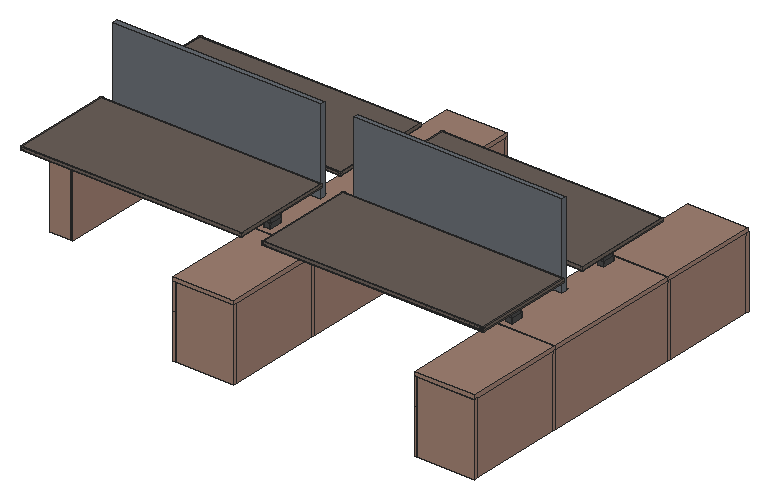
Revit family "T200195", category Furniture, Revit 2015 (continued)
Definition of nested family "STAKS HEIGHT ADJUSTABLE WORK GROUP CABINET Double Sided Dual User"
  Automatic sketch dimensions
    Extrusion 15 sketch curve to Extrusion 15 sketch curve = 1.625"
    Extrusion 16 sketch curve to plane 16 = 0.00"  (x2)
    plane 17 to Extrusion 16 sketch curve = 3.375"
    plane 16 to Extrusion 16 sketch curve = 0.125"
    Extrusion 16 sketch curve to plane 14 = 2.125"
    Extrusion 16 sketch curve to Extrusion 16 sketch curve = 3.75"  (x2)
    Extrusion 16 sketch curve to Extrusion 16 sketch curve = 0.125"
    Blend 17 sketch curve to plane 16 = 0.125"
    plane 17 to Blend 17 sketch curve = 2.125"
    Blend 17 sketch curve to Blend 17 sketch curve = 0.125"  (x4)
    Blend 17 sketch curve to Blend 17 sketch curve = 3.25"
    Blend 17 sketch curve to Blend 17 sketch curve = 0.00"
    Blend 17 sketch curve to plane 14 = 1.75"
    Blend 17 sketch curve to plane 16 = 0.00"  (x2)
    plane 17 to Blend 17 sketch curve = 3.375"
    plane 16 to Blend 17 sketch curve = 0.125"
    Blend 17 sketch curve to Blend 17 sketch curve = 3.75"  (x2)
    Blend 17 sketch curve to plane 14 = 2.00"
    Extrusion 18 sketch curve to plane 15 = 0.00"  (x2)
    Extrusion 18 sketch curve to plane 17 = 3.375"
    plane 15 to Extrusion 18 sketch curve = 0.125"
    plane 14 to Extrusion 18 sketch curve = 2.125"
    Extrusion 18 sketch curve to Extrusion 18 sketch curve = 3.75"  (x2)
    Extrusion 18 sketch curve to Extrusion 18 sketch curve = 0.125"
    Blend 19 sketch curve to plane 15 = 0.125"
    Blend 19 sketch curve to plane 17 = 2.125"
    Blend 19 sketch curve to Blend 19 sketch curve = 0.125"  (x4)
    Blend 19 sketch curve to Blend 19 sketch curve = 3.25"
    Blend 19 sketch curve to Blend 19 sketch curve = 0.00"
    plane 14 to Blend 19 sketch curve = 1.75"
    Blend 19 sketch curve to plane 15 = 0.00"  (x2)
    Blend 19 sketch curve to plane 17 = 3.375"
    plane 15 to Blend 19 sketch curve = 0.125"
    Blend 19 sketch curve to Blend 19 sketch curve = 3.75"  (x2)
    plane 14 to Blend 19 sketch curve = 2.00"
    Extrusion 20 sketch curve to plane 16 = 0.00"
    Extrusion 20 sketch curve to plane 16 = 0.125"  (x2)
    Extrusion 20 sketch curve to plane 18 = 0.75"
    Extrusion 20 sketch curve to Extrusion 20 sketch curve = 3.75"
    Extrusion 20 sketch curve to Extrusion 20 sketch curve = 0.00"
    Extrusion 20 sketch curve to Extrusion 20 sketch curve = 0.125"
    Extrusion 20 sketch curve to Extrusion 20 sketch curve = 1.75"
    Extrusion 21 sketch curve to plane 18 = 0.9375"
    Extrusion 21 sketch curve to plane 16 = 3.875"
    Extrusion 21 sketch curve to plane 18 = 0.875"
    Extrusion 21 sketch curve to Extrusion 21 sketch curve = 0.0625"  (x2)
    Extrusion 21 sketch curve to plane 16 = 0.1875"  (x2)
    Extrusion 21 sketch curve to Extrusion 21 sketch curve = 1.625"
    Revolve 22 sketch curve to level = 0.00"
    plane 16 to Revolve 22 sketch curve = 0.00"
    Revolve 22 sketch curve to plane 12 = 0.00"  (x2)
    level to Revolve 22 sketch curve = 0.25"
    Revolve 22 sketch curve to Revolve 22 sketch curve = 0.06202"
    Revolve 22 sketch curve to Revolve 22 sketch curve = 0.12498"
    Revolve 22 sketch curve to plane 16 = 0.188"  (x2)
    plane 12 to Revolve 22 sketch curve = 0.25"
    Revolve 23 sketch curve to level = 0.00"
    plane 15 to Revolve 23 sketch curve = 0.00"
    Revolve 23 sketch curve to plane 12 = 0.00"  (x2)
    level to Revolve 23 sketch curve = 0.12502"
    Revolve 23 sketch curve to plane 15 = 0.06202"
    Revolve 23 sketch curve to Revolve 23 sketch curve = 0.12498"
    plane 15 to Revolve 23 sketch curve = 0.188"  (x2)
    plane 12 to Revolve 23 sketch curve = 0.25"
    Extrusion 24 sketch curve to plane 15 = 0.00"
    Extrusion 24 sketch curve to plane 18 = 2.75"
    plane 15 to Extrusion 24 sketch curve = 0.125"  (x2)
    Extrusion 24 sketch curve to Extrusion 24 sketch curve = 3.50"
    Extrusion 24 sketch curve to plane 18 = 0.75"
    Extrusion 24 sketch curve to Extrusion 24 sketch curve = 0.00"
    Extrusion 24 sketch curve to Extrusion 24 sketch curve = 0.125"
    Extrusion 25 sketch curve to plane 18 = 0.9375"
    plane 15 to Extrusion 25 sketch curve = 3.625"
    plane 15 to Extrusion 25 sketch curve = 0.1875"  (x2)
    Extrusion 25 sketch curve to plane 18 = 2.625"
    Extrusion 25 sketch curve to Extrusion 25 sketch curve = 0.0625"  (x3)
    Extrusion 26 sketch curve to plane 16 = 0.00"  (x2)
    plane 1 "Center Front/Back" to Extrusion 26 sketch curve = 3.375"
    Extrusion 26 sketch curve to plane 16 = 0.125"
    Extrusion 26 sketch curve to Extrusion 26 sketch curve = 4.00"  (x2)
    Extrusion 26 sketch curve to Extrusion 26 sketch curve = 0.125"
    plane 18 to Extrusion 26 sketch curve = 2.75"
    plane 16 to Blend 27 sketch curve = 0.125"
    plane 1 "Center Front/Back" to Blend 27 sketch curve = 2.125"
    Blend 27 sketch curve to Blend 27 sketch curve = 0.125"  (x4)
    Blend 27 sketch curve to Blend 27 sketch curve = 3.50"
    Blend 27 sketch curve to Blend 27 sketch curve = 0.00"
    plane 18 to Blend 27 sketch curve = 2.50"
    Blend 27 sketch curve to plane 16 = 0.00"  (x2)
    plane 1 "Center Front/Back" to Blend 27 sketch curve = 3.375"
    Blend 27 sketch curve to plane 16 = 0.125"
    Blend 27 sketch curve to Blend 27 sketch curve = 4.00"  (x2)
    plane 18 to Blend 27 sketch curve = 2.75"
    Extrusion 28 sketch curve to plane 15 = 0.00"  (x2)
    Extrusion 28 sketch curve to plane 1 "Center Front/Back" = 3.375"
    Extrusion 28 sketch curve to Extrusion 28 sketch curve = 0.125"  (x2)
    Extrusion 28 sketch curve to Extrusion 28 sketch curve = 3.75"
    plane 15 to Extrusion 28 sketch curve = 3.75"
    Extrusion 28 sketch curve to plane 18 = 2.75"
    plane 15 to Blend 29 sketch curve = 0.125"
    Blend 29 sketch curve to plane 1 "Center Front/Back" = 2.125"
    Blend 29 sketch curve to Blend 29 sketch curve = 0.125"  (x4)
    Blend 29 sketch curve to Blend 29 sketch curve = 3.25"
    Blend 29 sketch curve to Blend 29 sketch curve = 0.00"
    Blend 29 sketch curve to plane 18 = 2.50"
    Blend 29 sketch curve to plane 15 = 0.00"  (x2)
    Blend 29 sketch curve to plane 1 "Center Front/Back" = 3.375"
    Blend 29 sketch curve to plane 15 = 0.125"
    Blend 29 sketch curve to Blend 29 sketch curve = 3.75"
    plane 15 to Blend 29 sketch curve = 3.75"
    Blend 29 sketch curve to plane 18 = 2.75"
Definition of nested family "STAKS FABRIC PRIVACY PANEL Tackable"
  Parameters (values of type "STAKS FABRIC PRIVACY PANEL Tackable for 66in Worksurfaces")
    Width = 64.00"
    URL = "http://www.ofs.com/"
    Height from Floor = 22.75"
    Height = 25.25"
    Model = "6-6425PP"
    Manufacturer = "OFS"
    Description = "OFS STAKS FABRIC PRIVACY PANEL Tackable Fabric Covered Panel For Use with 66\" Worksurfaces"
    Depth = 1.4375"
    Copyright © = "© 2018 OFS"
    Catalog = "https://ofs.com/products/open-plan/benching/staks"
    Authoring Version = "Autodesk Revit Architecture 2013"
    Assembly Code = "E2020200"
    Surface Material = none
  Types (5): name | Width | Model | Description
    (no name) | 64.00" | "6-6425PP" | "OFS STAKS FABRIC PRIVACY PANEL Tackable Fabric Covered Panel For Use with 66\" Worksurfaces"
    STAKS FABRIC PRIVACY PANEL Tackable for 54in Worksurfaces | 52.00" | "6-5225PP" | "OFS STAKS FABRIC PRIVACY PANEL Tackable Fabric Covered Panel For Use with 54\" Worksurfaces"
    STAKS FABRIC PRIVACY PANEL Tackable for 60in Worksurfaces | 58.00" | "6-5825PP" | "OFS STAKS FABRIC PRIVACY PANEL Tackable Fabric Covered Panel For Use with 60\" Worksurfaces"
    STAKS FABRIC PRIVACY PANEL Tackable for 66in Worksurfaces | 64.00" | "6-6425PP" | "OFS STAKS FABRIC PRIVACY PANEL Tackable Fabric Covered Panel For Use with 66\" Worksurfaces"
    STAKS FABRIC PRIVACY PANEL Tackable for 72in Worksurfaces | 70.00" | "6-7025PP" | "OFS STAKS FABRIC PRIVACY PANEL Tackable Fabric Covered Panel For Use with 72\" Worksurfaces"
  Reference planes (in)
    plane 1 "Center (Front/Back)": y = 0
    plane 2: z = 0
    plane 3 "Center (Left/Right)": x = 0
    plane 4: x = 32
    plane 5: x = -32
    plane 6: y = 0.71875
    plane 7: y = -0.71875
    plane 8: z = 22.75
    plane 9: z = 48
  Forms (in)
    Extrusion 1, solid, material <- "Surface Material"
      sketch origin (3.56329, 81.33771, 7) x (-1, 0, 0) y (0, -1, 0)
        loop
          line (35.56329, 80.61896) -> (35.56329, 82.05646) -> (-28.43671, 82.05646) -> (-28.43671, 80.61896) -> (35.56329, 80.61896)
      from 41 to 15.75
  Lines and regions (in)
    symbolic lines
      curve 1: line (-32, 0.71875, 0) -> (32, 0.71875, 0)
      curve 2: line (-32, -0.71875, 0) -> (-32, 0.71875, 0)
      curve 3: line (32, -0.71875, 0) -> (-32, -0.71875, 0)
      curve 4: line (32, 0.71875, 0) -> (32, -0.71875, 0)
  Dimensions and locks (in)
    equal spacing: plane 5, plane 3 "Center (Left/Right)", plane 4
    "Width": plane 5 to plane 4
    "Depth": plane 6 to plane 7
    equal spacing: plane 7, plane 1 "Center (Front/Back)", plane 6
    "Height": plane 9 to plane 8
    "Height from Floor": plane 8 to level
    aligned and locked: level to plane 2
    aligned and locked: plane 5 to Extrusion 1 sketch curve
    aligned and locked: Extrusion 1 sketch curve to plane 7
    aligned and locked: Extrusion 1 sketch curve to plane 6
    aligned and locked: Extrusion 1 sketch curve to plane 4
    aligned and locked: plane 9 to Extrusion 1
    aligned and locked: Extrusion 1 to plane 8
    aligned and locked: curve 2 to plane 5
    aligned and locked: curve 1 to Extrusion 1
    aligned and locked: curve 3 to Extrusion 1
    aligned and locked: curve 4 to plane 4
Definition of nested family "STAKS HEIGHT ADJUSTABLE WORKSURFACE"
  Parameters (values of type "STAKS HEIGHT ADJUSTABLE WORKSURFACE 66x30")
    Width = 66.00"
    Veneer Material = none
    URL = "http://www.ofs.com/"
    PVC Edge [instance] = not([3D Laminate])  # yes
    Height [instance] = 21.00"
    Edge Material = none
    Model = "6-6630HAWS"
    Manufacturer = "OFS"
    Description = "OFS STAKS HEIGHT ADJUSTABLE WORKSURFACE, 66\" Width x 30\" Depth Long Grain, Includes Height Adjustable Control, Switch and Cables"
    Depth = 30.00"
    Copyright © = "© 2018 OFS"
    Catalog = "https://ofs.com/products/open-plan/benching/staks"
    Authoring Version = "Autodesk Revit Architecture 2013"
    Assembly Code = "E2020200"
    3D Laminate Material = none
    3D Laminate [instance] = no
  Types (5): name | Width | Model | Description
    (no name) | 66.00" | "6-6630HAWS" | "OFS STAKS HEIGHT ADJUSTABLE WORKSURFACE, 66\" Width x 30\" Depth Long Grain, Includes Height Adjustable Control, Switch and Cables"
    STAKS HEIGHT ADJUSTABLE WORKSURFACE 54x30 | 54.00" | "6-5430HAWS" | "OFS STAKS HEIGHT ADJUSTABLE WORKSURFACE, 54\" Width x 30\" Depth Long Grain, Includes Height Adjustable Control, Switch and Cables"
    STAKS HEIGHT ADJUSTABLE WORKSURFACE 60x30 | 60.00" | "6-6030HAWS" | "OFS STAKS HEIGHT ADJUSTABLE WORKSURFACE, 60\" Width x 30\" Depth Long Grain, Includes Height Adjustable Control, Switch and Cables"
    STAKS HEIGHT ADJUSTABLE WORKSURFACE 66x30 | 66.00" | "6-6630HAWS" | "OFS STAKS HEIGHT ADJUSTABLE WORKSURFACE, 66\" Width x 30\" Depth Long Grain, Includes Height Adjustable Control, Switch and Cables"
    STAKS HEIGHT ADJUSTABLE WORKSURFACE 72x30 | 72.00" | "6-7230HAWS" | "OFS STAKS HEIGHT ADJUSTABLE WORKSURFACE, 72\" Width x 30\" Depth Long Grain, Includes Height Adjustable Control, Switch and Cables"
  Reference planes (in)
    plane 1 "Center (Front/Back)": y = 0
    plane 2: z = 0
    plane 3 "Center (Left/Right)": x = 0
    plane 4: x = 33
    plane 5: x = -33
    plane 6: y = 15
    plane 7: y = -15
    plane 8: z = 19.875
    plane 9: z = 21
  Forms (in)
    Extrusion 1, solid, material <- "3D Laminate Material", visible <- "3D Laminate"
      sketch origin (3.56329, 81.33771, 7) x (-1, 0, 0) y (0, -1, 0)
        loop
          line (36.56329, 66.33771) -> (36.56329, 96.33771) -> (-29.43671, 96.33771) -> (-29.43671, 66.33771) -> (36.56329, 66.33771)
      from 14 to 12.875
    Extrusion 2, solid, material <- "Veneer Material", visible <- "PVC Edge"
      sketch origin (3.56329, 81.33771, 3.5) x (-1, 0, 0) y (0, -1, 0)
        loop
          line (36.43829, 66.46271) -> (36.43829, 96.21271) -> (-29.31171, 96.21271) -> (-29.31171, 66.46271) -> (36.43829, 66.46271)
      from 17.5 to 16.375
    Sweep 3, solid, material <- "Edge Material", visible <- "PVC Edge"
      path origin (31.86692, 60.25439, 21) x (0, 1, 0) y (-1, 0, 0)
        loop
          line (-45.25439, 64.86692) -> (-75.25439, 64.86692) -> (-75.25439, -1.13308) -> (-45.25439, -1.13308) -> (-45.25439, 64.86692)
      profile origin (-33, 0, 21) x (1, 0, 0) y (0, 0, 1)
        loop
          arc (0, -1) -> (0.03661, -1.08839) -> (0.125, -1.125) r 0.125
          line (0.125, -1.125) -> (0.125, 0)
          arc (0.125, 0) -> (0.03661, -0.03661) -> (0, -0.125) r 0.125
          line (0, -0.125) -> (0, -1)
  Dimensions and locks (in)
    equal spacing: plane 5, plane 3 "Center (Left/Right)", plane 4
    "Width": plane 5 to plane 4
    "Depth": plane 6 to plane 7
    equal spacing: plane 7, plane 1 "Center (Front/Back)", plane 6
    locked: plane 9 to plane 8 at 1.125
    "Height": plane 9 to level
    aligned and locked: level to plane 2
    aligned and locked: Sweep 3 sketch curve to plane 5
    aligned and locked: Sweep 3 sketch curve to plane 6
    aligned and locked: Sweep 3 sketch curve to plane 7
    aligned and locked: Sweep 3 sketch curve to plane 4
    aligned and locked: Extrusion 2 sketch curve to Sweep 3  (x4)
    aligned and locked: Extrusion 1 sketch curve to plane 5
    aligned and locked: Extrusion 1 sketch curve to plane 7
    aligned and locked: Extrusion 1 sketch curve to plane 6
    aligned and locked: Extrusion 1 sketch curve to plane 4
    aligned and locked: plane 9 to Extrusion 1
    aligned and locked: plane 9 to Extrusion 2
    aligned and locked: plane 9 to Sweep 3
    aligned and locked: Extrusion 1 to plane 8
    aligned and locked: Extrusion 2 to plane 8
  Automatic sketch dimensions
    profile plane to Sweep 3 sketch curve = 0.00"
    Sweep 3 sketch curve to profile plane = 0.00"
    Sweep 3 sketch curve to profile plane = 0.125"
    Sweep 3 sketch curve to profile plane = 1.125"
Definition of nested family "STAKS CROSS RAIL BASIC POWER Double Sided Three Circuit"
  Parameters (values of type "STAKS CROSS RAIL BASIC POWER Double Sided Three Circuit 54in")
    Width = 48.00"
    URL = "http://www.ofs.com/"
    Surface Material = none
    Power Block Material = none
    Power Block Casing Material = none
    Model = "6-54PRB-4"
    Metal Conduit Material = none
    Manufacturer = "OFS"
    Height = 5.25"
    Duplex Receptacle Material = none
    Description = "OFS STAKS CROSS RAIL BASIC POWER for Use with 54\" Double Sided Height Adjustable Cabinets & Panel Bases, Three Circuit"
    Depth = 6.00"
    Copyright © = "© 2018 OFS"
    Catalog = "https://ofs.com/products/open-plan/benching/staks"
    Bracket Material = none
    Authoring Version = "Autodesk Revit Architecture 2013"
    Assembly Code = "E2020200"
  Types (5): name | Width | Model | Description
    (no name) | 48.00" | "6-54PRB-4" | "OFS STAKS CROSS RAIL BASIC POWER for Use with 54\" Double Sided Height Adjustable Cabinets & Panel Bases, Three Circuit"
    STAKS CROSS RAIL BASIC POWER Double Sided Three Circuit 54in | 48.00" | "6-54PRB-4" | "OFS STAKS CROSS RAIL BASIC POWER for Use with 54\" Double Sided Height Adjustable Cabinets & Panel Bases, Three Circuit"
    STAKS CROSS RAIL BASIC POWER Double Sided Three Circuit 60in | 54.00" | "6-60PRB-4" | "OFS STAKS CROSS RAIL BASIC POWER for Use with 60\" Double Sided Height Adjustable Cabinets & Panel Bases, Three Circuit"
    STAKS CROSS RAIL BASIC POWER Double Sided Three Circuit 66in | 60.00" | "6-66PRB-4" | "OFS STAKS CROSS RAIL BASIC POWER for Use with 66\" Double Sided Height Adjustable Cabinets & Panel Bases, Three Circuit"
    STAKS CROSS RAIL BASIC POWER Double Sided Three Circuit 72in | 66.00" | "6-72PRB-4" | "OFS STAKS CROSS RAIL BASIC POWER for Use with 72\" Double Sided Height Adjustable Cabinets & Panel Bases, Three Circuit"
  Reference planes (in)
    plane 1 "Center (Front/Back)": y = 0
    plane 2: z = 0
    plane 3 "Center (Left/Right)": x = 0
    plane 4: z = 21.67035
    plane 5: z = 27.87507
    plane 6: x = -19.50147
    plane 7: x = -17.03389
    plane 8: x = -15.9687
    plane 9: x = -14.91102
    plane 10: x = -18.08898
    plane 11: x = -7.4956
    plane 12: x = -9.96318
    plane 13: x = -11.02837
    plane 14: x = -12.08605
    plane 15: x = -8.90809
    plane 16: x = -24
    plane 17: x = -3
    plane 18: x = -20.08661
    plane 19: z = 17.34957
    plane 20: x = -21.08661
    plane 21: x = -13.49853
    plane 22: x = -6.91045
    plane 23: x = -5.91045
    plane 24: x = 19.50147
    plane 25: x = 17.03389
    plane 26: x = 15.9687
    plane 27: x = 14.91102
    plane 28: x = 18.08898
    plane 29: x = 7.4956
    plane 30: x = 9.96318
    plane 31: x = 11.02837
    plane 32: x = 12.08605
    plane 33: x = 8.90809
    plane 34: x = 24
    plane 35: x = 3
    plane 36: x = 20.08661
    plane 37: x = 21.08661
    plane 38: x = 13.49853
    plane 39: x = 6.91045
    plane 40: x = 5.91045
    plane 41: x = 8.2456
    plane 42: x = -8.2456
    plane 43: x = 7.4956
    plane 44: x = -7.4956
    plane 45: x = -6.95298
    plane 46: x = -5.82454
    plane 47: x = -4.74522
    plane 48: x = 6.95298
    plane 49: x = 5.82454
    plane 50: x = 4.74522
    plane 51: y = 3
    plane 52: y = -3
    plane 53: y = 2
    plane 54: y = -2
    plane 55: z = 22.5
    plane 56: z = 21.75
    plane 57: z = 20.75
    plane 58: x = 0.5
    plane 59: x = -0.5
  Forms (in)
    Extrusion 1, solid, material <- "Power Block Material"
      sketch origin (-38.7456, 0, -7.21714) x (-1, 0, 0) y (0, 0, -1)
        loop
          line (-29.43829, -26.82737) -> (-27.05878, -26.82737)
          arc (-27.05878, -26.82737) -> (-26.91515, -26.76787) -> (-26.85565, -26.62424) r 0.20313
          line (-26.85565, -26.62424) -> (-26.85565, -26.53164)
          arc (-26.85565, -26.53164) -> (-26.71755, -26.47993) -> (-26.65956, -26.34434) r 0.1875
          line (-26.65956, -26.34434) -> (-26.65956, -25.86145)
          arc (-26.65956, -25.86145) -> (-26.71755, -25.72587) -> (-26.85565, -25.67415) r 0.1875
          line (-26.85565, -25.67415) -> (-26.85565, -25.58155)
          arc (-26.85565, -25.58155) -> (-26.91515, -25.43792) -> (-27.05878, -25.37842) r 0.20313
          line (-27.05878, -25.37842) -> (-29.43829, -25.37842)
          arc (-29.43829, -25.37842) -> (-29.58192, -25.43792) -> (-29.64141, -25.58155) r 0.20313
          line (-29.64141, -25.58155) -> (-29.64141, -25.67415)
          arc (-29.64141, -25.67415) -> (-29.77952, -25.72587) -> (-29.83751, -25.86145) r 0.1875
          line (-29.83751, -25.86145) -> (-29.83751, -26.34434)
          arc (-29.83751, -26.34434) -> (-29.77952, -26.47993) -> (-29.64141, -26.53164) r 0.1875
          line (-29.64141, -26.53164) -> (-29.64141, -26.62424)
          arc (-29.64141, -26.62424) -> (-29.58192, -26.76787) -> (-29.43829, -26.82737) r 0.20313
        loop
          arc (-29.43829, -25.44092) -> (-29.53773, -25.48211) -> (-29.57891, -25.58155) r 0.14063
          line (-29.57891, -25.58155) -> (-29.57891, -25.68958)
          arc (-29.57891, -25.68958) -> (-29.59504, -25.72496) -> (-29.63257, -25.73768) r 0.04688
          arc (-29.63257, -25.73768) -> (-29.732, -25.7671) -> (-29.77501, -25.86145) r 0.125
          line (-29.77501, -25.86145) -> (-29.77501, -26.34434)
          arc (-29.77501, -26.34434) -> (-29.732, -26.43869) -> (-29.63233, -26.4698) r 0.125
          arc (-29.63233, -26.4698) -> (-29.59504, -26.48083) -> (-29.57891, -26.51622) r 0.04688
          line (-29.57891, -26.51622) -> (-29.57891, -26.62424)
          arc (-29.57891, -26.62424) -> (-29.53773, -26.72368) -> (-29.43829, -26.76487) r 0.14063
          line (-29.43829, -26.76487) -> (-27.05878, -26.76487)
          arc (-27.05878, -26.76487) -> (-26.95934, -26.72368) -> (-26.91815, -26.62424) r 0.14063
          line (-26.91815, -26.62424) -> (-26.91815, -26.51622)
          arc (-26.91815, -26.51622) -> (-26.90202, -26.48083) -> (-26.8645, -26.46812) r 0.04688
          arc (-26.8645, -26.46812) -> (-26.76507, -26.43869) -> (-26.72206, -26.34434) r 0.125
          line (-26.72206, -26.34434) -> (-26.72206, -25.86145)
          arc (-26.72206, -25.86145) -> (-26.76507, -25.7671) -> (-26.86474, -25.73599) r 0.125
          arc (-26.86474, -25.73599) -> (-26.90202, -25.72496) -> (-26.91815, -25.68958) r 0.04688
          line (-26.91815, -25.68958) -> (-26.91815, -25.58155)
          arc (-26.91815, -25.58155) -> (-26.95934, -25.48211) -> (-27.05878, -25.44092) r 0.14063
          line (-27.05878, -25.44092) -> (-29.43829, -25.44092)
      from -0.39166 to 0.39063
    Extrusion 2, solid, material <- "Power Block Material"
      sketch origin (-38.7456, 0, -7.21714) x (-1, 0, 0) y (0, 0, -1)
        loop
          circle (-28.24853, -26.1029) r 0.0625
      from -0.74219 to 0.74219
    Extrusion 3, solid, material <- "Power Block Material"
      sketch origin (-38.7456, 0, -7.21714) x (0, 1, 0) y (0, 0, -1)
        loop
          line (0.1644, -27.50689) -> (0.6465, -27.24063)
          arc (0.6465, -27.24063) -> (0.73054, -27.04793) -> (0.56603, -26.91703) r 0.17257
          line (0.56603, -26.91703) -> (0, -26.90734) -> (-0.56603, -26.91703)
          arc (-0.56603, -26.91703) -> (-0.73054, -27.04793) -> (-0.6465, -27.24063) r 0.17257
          line (-0.6465, -27.24063) -> (-0.1644, -27.50689) -> (-0.10561, -27.41333) -> (-0.61836, -27.21311)
          arc (-0.61836, -27.21311) -> (-0.67504, -27.11429) -> (-0.59061, -27.03781) r 0.09084
          line (-0.59061, -27.03781) -> (0, -27.00335) -> (0.59061, -27.03781)
          arc (0.59061, -27.03781) -> (0.67504, -27.11429) -> (0.61836, -27.21311) r 0.09084
          line (0.61836, -27.21311) -> (0.10561, -27.41333) -> (0.1644, -27.50689)
      from -28.78242 to -27.71724
    Extrusion 4, solid, material <- "Power Block Material"
      sketch origin (-38.7456, 0, -7.21714) x (-1, 0, 0) y (0, 0, -1)
        loop
          arc (-29.72129, -27.26478) -> (-29.65664, -27.20013) -> (-29.72129, -27.13548) r 0.06465
          line (-29.72129, -27.13548) -> (-30.0026, -27.13548) -> (-30.0026, -26.98885) -> (-29.57923, -26.98885)
          arc (-29.57923, -26.98885) -> (-29.52695, -26.93658) -> (-29.57923, -26.8843) r 0.05228
          line (-29.57923, -26.8843) -> (-30.17424, -26.8843)
          arc (-30.17424, -26.8843) -> (-30.20204, -26.89741) -> (-30.20961, -26.92721) r 0.03604
          line (-30.20961, -26.92721) -> (-30.1526, -27.22052)
          arc (-30.1526, -27.22052) -> (-30.1337, -27.25229) -> (-30.0989, -27.26478) r 0.05471
          line (-30.0989, -27.26478) -> (-29.72129, -27.26478)
      from -0.64167 to 0.64063
    Extrusion 5, solid, material <- "Power Block Material"
      sketch origin (-26.74594, 0, -7.21714) x (1, 0, 0) y (0, 0, 1)
        loop
          line (14.77871, 27.26478) -> (14.4011, 27.26478)
          arc (14.4011, 27.26478) -> (14.3663, 27.25229) -> (14.3474, 27.22052) r 0.05471
          line (14.3474, 27.22052) -> (14.29039, 26.92721)
          arc (14.29039, 26.92721) -> (14.29796, 26.89741) -> (14.32576, 26.8843) r 0.03604
          line (14.32576, 26.8843) -> (14.92077, 26.8843)
          arc (14.92077, 26.8843) -> (14.97305, 26.93658) -> (14.92077, 26.98885) r 0.05228
          line (14.92077, 26.98885) -> (14.4974, 26.98885) -> (14.4974, 27.13548) -> (14.77871, 27.13548)
          arc (14.77871, 27.13548) -> (14.84336, 27.20013) -> (14.77871, 27.26478) r 0.06465
      from -0.64167 to 0.64063
    Extrusion 6, solid, material <- "Power Block Material"
      sketch origin (-44.74552, 0, -7.21714) x (-1, 0, 0) y (0, 0, -1)
        loop
          line (-36.878, -27.11384) -> (-36.70792, -26.1029) -> (-36.878, -25.09195) -> (-37.24991, -25.09195) -> (-37.24991, -27.11384) -> (-36.878, -27.11384)
      from -0.31166 to 0.3125
    Extrusion 7, solid, material <- "Power Block Material"
      sketch origin (-8.74862, 0, -7.21714) x (1, 0, 0) y (0, 0, 1)
        loop
          line (-4.378, 27.11384) -> (-4.74991, 27.11384) -> (-4.74991, 25.09195) -> (-4.378, 25.09195) -> (-4.20792, 26.1029) -> (-4.378, 27.11384)
      from -0.31166 to 0.3125
    Extrusion 8, solid, material <- "Power Block Material"
      sketch origin (-26.74707, 0, -7.21714) x (-1, 0, 0) y (0, 0, -1)
        loop
          line (-18.19584, -25.14782) -> (-18.28839, -25.56074) -> (-19.25147, -25.56074) -> (-19.25147, -26.64509) -> (-18.30793, -26.64509) -> (-18.19637, -27.0029) -> (-14.30363, -27.0029) -> (-14.19207, -26.64509) -> (-13.24853, -26.64509) -> (-13.24853, -25.56074) -> (-14.21161, -25.56074) -> (-14.30416, -25.14782) -> (-18.19584, -25.14782)
      from -0.22266 to 0.22334
    Extrusion 9, solid, material <- "Bracket Material"
      sketch origin (-29.75, 0, -4) x (1, 0, 0) y (0, 0, 1)
        loop
          arc (20.5925, 24.54741) -> (20.55649, 24.63434) -> (20.46956, 24.67035) r 0.12294
          line (20.46956, 24.67035) -> (18.03044, 24.67035)
          arc (18.03044, 24.67035) -> (17.94351, 24.63434) -> (17.9075, 24.54741) r 0.12294
          line (17.9075, 24.54741) -> (17.9075, 23.89535) -> (17.51946, 23.89535) -> (17.51946, 23.79535) -> (17.88796, 23.79535)
          arc (17.88796, 23.79535) -> (17.97259, 23.8304) -> (18.00764, 23.91503) r 0.11968
          line (18.00764, 23.91503) -> (18.00764, 24.57035) -> (20.49236, 24.57035) -> (20.49236, 23.91503)
          arc (20.49236, 23.91503) -> (20.52741, 23.8304) -> (20.61204, 23.79535) r 0.11968
          line (20.61204, 23.79535) -> (20.98054, 23.79535) -> (20.98054, 23.89535) -> (20.5925, 23.89535) -> (20.5925, 24.54741)
      from -0.5 to 0.5
    Extrusion 10, solid, material <- "Power Block Material"
      sketch origin (38.7456, 0, -7.21714) x (1, 0, 0) y (0, 0, 1)
        loop
          arc (-29.43829, 26.82737) -> (-29.58192, 26.76787) -> (-29.64141, 26.62424) r 0.20313
          line (-29.64141, 26.62424) -> (-29.64141, 26.53164)
          arc (-29.64141, 26.53164) -> (-29.77952, 26.47993) -> (-29.83751, 26.34434) r 0.1875
          line (-29.83751, 26.34434) -> (-29.83751, 25.86145)
          arc (-29.83751, 25.86145) -> (-29.77952, 25.72587) -> (-29.64141, 25.67415) r 0.1875
          line (-29.64141, 25.67415) -> (-29.64141, 25.58155)
          arc (-29.64141, 25.58155) -> (-29.58192, 25.43792) -> (-29.43829, 25.37842) r 0.20313
          line (-29.43829, 25.37842) -> (-27.05878, 25.37842)
          arc (-27.05878, 25.37842) -> (-26.91515, 25.43792) -> (-26.85565, 25.58155) r 0.20313
          line (-26.85565, 25.58155) -> (-26.85565, 25.67415)
          arc (-26.85565, 25.67415) -> (-26.71755, 25.72587) -> (-26.65956, 25.86145) r 0.1875
          line (-26.65956, 25.86145) -> (-26.65956, 26.34434)
          arc (-26.65956, 26.34434) -> (-26.71755, 26.47993) -> (-26.85565, 26.53164) r 0.1875
          line (-26.85565, 26.53164) -> (-26.85565, 26.62424)
          arc (-26.85565, 26.62424) -> (-26.91515, 26.76787) -> (-27.05878, 26.82737) r 0.20313
          line (-27.05878, 26.82737) -> (-29.43829, 26.82737)
        loop
          line (-29.43829, 25.44092) -> (-27.05878, 25.44092)
          arc (-27.05878, 25.44092) -> (-26.95934, 25.48211) -> (-26.91815, 25.58155) r 0.14063
          line (-26.91815, 25.58155) -> (-26.91815, 25.68958)
          arc (-26.91815, 25.68958) -> (-26.90202, 25.72496) -> (-26.86474, 25.73599) r 0.04688
          arc (-26.86474, 25.73599) -> (-26.76507, 25.7671) -> (-26.72206, 25.86145) r 0.125
          line (-26.72206, 25.86145) -> (-26.72206, 26.34434)
          arc (-26.72206, 26.34434) -> (-26.76507, 26.43869) -> (-26.8645, 26.46812) r 0.125
          arc (-26.8645, 26.46812) -> (-26.90202, 26.48083) -> (-26.91815, 26.51622) r 0.04688
          line (-26.91815, 26.51622) -> (-26.91815, 26.62424)
          arc (-26.91815, 26.62424) -> (-26.95934, 26.72368) -> (-27.05878, 26.76487) r 0.14063
          line (-27.05878, 26.76487) -> (-29.43829, 26.76487)
          arc (-29.43829, 26.76487) -> (-29.53773, 26.72368) -> (-29.57891, 26.62424) r 0.14063
          line (-29.57891, 26.62424) -> (-29.57891, 26.51622)
          arc (-29.57891, 26.51622) -> (-29.59504, 26.48083) -> (-29.63233, 26.4698) r 0.04688
          arc (-29.63233, 26.4698) -> (-29.732, 26.43869) -> (-29.77501, 26.34434) r 0.125
          line (-29.77501, 26.34434) -> (-29.77501, 25.86145)
          arc (-29.77501, 25.86145) -> (-29.732, 25.7671) -> (-29.63257, 25.73768) r 0.125
          arc (-29.63257, 25.73768) -> (-29.59504, 25.72496) -> (-29.57891, 25.68958) r 0.04688
          line (-29.57891, 25.68958) -> (-29.57891, 25.58155)
          arc (-29.57891, 25.58155) -> (-29.53773, 25.48211) -> (-29.43829, 25.44092) r 0.14063
      from -0.39166 to 0.39063
    Extrusion 11, solid, material <- "Power Block Material"
      sketch origin (38.7456, 0, -7.21714) x (1, 0, 0) y (0, 0, 1)
        loop
          circle (-28.24853, 26.1029) r 0.0625
      from -0.74219 to 0.74219
    Extrusion 12, solid, material <- "Power Block Material"
      sketch origin (38.7456, 0, -7.21714) x (0, 1, 0) y (0, 0, 1)
        loop
          line (0.1644, 27.50689) -> (0.10561, 27.41333) -> (0.61836, 27.21311)
          arc (0.61836, 27.21311) -> (0.67504, 27.11429) -> (0.59061, 27.03781) r 0.09084
          line (0.59061, 27.03781) -> (0, 27.00335) -> (-0.59061, 27.03781)
          arc (-0.59061, 27.03781) -> (-0.67504, 27.11429) -> (-0.61836, 27.21311) r 0.09084
          line (-0.61836, 27.21311) -> (-0.10561, 27.41333) -> (-0.1644, 27.50689) -> (-0.6465, 27.24063)
          arc (-0.6465, 27.24063) -> (-0.73054, 27.04793) -> (-0.56603, 26.91703) r 0.17257
          line (-0.56603, 26.91703) -> (0, 26.90734) -> (0.56603, 26.91703)
          arc (0.56603, 26.91703) -> (0.73054, 27.04793) -> (0.6465, 27.24063) r 0.17257
          line (0.6465, 27.24063) -> (0.1644, 27.50689)
      from -28.78242 to -27.71724
    Extrusion 13, solid, material <- "Power Block Material"
      sketch origin (38.7456, 0, -7.21714) x (1, 0, 0) y (0, 0, 1)
        loop
          line (-29.72129, 27.26478) -> (-30.0989, 27.26478)
          arc (-30.0989, 27.26478) -> (-30.1337, 27.25229) -> (-30.1526, 27.22052) r 0.05471
          line (-30.1526, 27.22052) -> (-30.20961, 26.92721)
          arc (-30.20961, 26.92721) -> (-30.20204, 26.89741) -> (-30.17424, 26.8843) r 0.03604
          line (-30.17424, 26.8843) -> (-29.57923, 26.8843)
          arc (-29.57923, 26.8843) -> (-29.52695, 26.93658) -> (-29.57923, 26.98885) r 0.05228
          line (-29.57923, 26.98885) -> (-30.0026, 26.98885) -> (-30.0026, 27.13548) -> (-29.72129, 27.13548)
          arc (-29.72129, 27.13548) -> (-29.65664, 27.20013) -> (-29.72129, 27.26478) r 0.06465
      from -0.64167 to 0.64063
    Extrusion 14, solid, material <- "Power Block Material"
      sketch origin (26.74594, 0, -7.21714) x (-1, 0, 0) y (0, 0, -1)
        loop
          arc (14.77871, -27.26478) -> (14.84336, -27.20013) -> (14.77871, -27.13548) r 0.06465
          line (14.77871, -27.13548) -> (14.4974, -27.13548) -> (14.4974, -26.98885) -> (14.92077, -26.98885)
          arc (14.92077, -26.98885) -> (14.97305, -26.93658) -> (14.92077, -26.8843) r 0.05228
          line (14.92077, -26.8843) -> (14.32576, -26.8843)
          arc (14.32576, -26.8843) -> (14.29796, -26.89741) -> (14.29039, -26.92721) r 0.03604
          line (14.29039, -26.92721) -> (14.3474, -27.22052)
          arc (14.3474, -27.22052) -> (14.3663, -27.25229) -> (14.4011, -27.26478) r 0.05471
          line (14.4011, -27.26478) -> (14.77871, -27.26478)
      from -0.64167 to 0.64063
    Extrusion 15, solid, material <- "Power Block Material"
      sketch origin (44.74552, 0, -7.21714) x (1, 0, 0) y (0, 0, 1)
        loop
          line (-36.878, 27.11384) -> (-37.24991, 27.11384) -> (-37.24991, 25.09195) -> (-36.878, 25.09195) -> (-36.70792, 26.1029) -> (-36.878, 27.11384)
      from -0.31166 to 0.3125
    Extrusion 16, solid, material <- "Power Block Material"
      sketch origin (8.74862, 0, -7.21714) x (-1, 0, 0) y (0, 0, -1)
        loop
          line (-4.378, -27.11384) -> (-4.20792, -26.1029) -> (-4.378, -25.09195) -> (-4.74991, -25.09195) -> (-4.74991, -27.11384) -> (-4.378, -27.11384)
      from -0.31166 to 0.3125
    Extrusion 17, solid, material <- "Power Block Material"
      sketch origin (26.74707, 0, -7.21714) x (1, 0, 0) y (0, 0, 1)
        loop
          line (-18.19584, 25.14782) -> (-14.30416, 25.14782) -> (-14.21161, 25.56074) -> (-13.24853, 25.56074) -> (-13.24853, 26.64509) -> (-14.19207, 26.64509) -> (-14.30363, 27.0029) -> (-18.19637, 27.0029) -> (-18.30793, 26.64509) -> (-19.25147, 26.64509) -> (-19.25147, 25.56074) -> (-18.28839, 25.56074) -> (-18.19584, 25.14782)
      from -0.22266 to 0.22334
    Extrusion 18, solid, material <- "Bracket Material"
      sketch origin (29.75, 0, -4) x (-1, 0, 0) y (0, 0, -1)
        loop
          line (20.5925, -24.54741) -> (20.5925, -23.89535) -> (20.98054, -23.89535) -> (20.98054, -23.79535) -> (20.61204, -23.79535)
          arc (20.61204, -23.79535) -> (20.52741, -23.8304) -> (20.49236, -23.91503) r 0.11968
          line (20.49236, -23.91503) -> (20.49236, -24.57035) -> (18.00764, -24.57035) -> (18.00764, -23.91503)
          arc (18.00764, -23.91503) -> (17.97259, -23.8304) -> (17.88796, -23.79535) r 0.11968
          line (17.88796, -23.79535) -> (17.51946, -23.79535) -> (17.51946, -23.89535) -> (17.9075, -23.89535) -> (17.9075, -24.54741)
          arc (17.9075, -24.54741) -> (17.94351, -24.63434) -> (18.03044, -24.67035) r 0.12294
          line (18.03044, -24.67035) -> (20.46956, -24.67035)
          arc (20.46956, -24.67035) -> (20.55649, -24.63434) -> (20.5925, -24.54741) r 0.12294
      from -0.5 to 0.5
    Extrusion 19, solid, material <- "Duplex Receptacle Material"
      sketch origin (0, 0, -7.21633) x (1, 0, 0) y (0, 0, 1)
        loop
          line (-7.1328, 27.11305) -> (-7.4956, 27.11305) -> (-7.4956, 25.09116) -> (-7.1328, 25.09116)
          arc (-7.1328, 25.09116) -> (-6.95294, 26.10211) -> (-7.1328, 27.11305) r 2.93108
      from -0.3125 to 0.3125
    Extrusion 20, solid, material <- "Duplex Receptacle Material"
      sketch origin (0, 0, -7.21633) x (1, 0, 0) y (0, 0, 1)
        loop
          line (-4.9204, 27.11305) -> (-5.64994, 27.11305)
          arc (-5.64994, 27.11305) -> (-5.70183, 26.10211) -> (-5.64994, 25.09116) r 9.87253
          line (-5.64994, 25.09116) -> (-4.9204, 25.09116)
          arc (-4.9204, 25.09116) -> (-4.74522, 26.10211) -> (-4.9204, 27.11305) r 3.00461
      from -0.375 to 0.375
    Extrusion 21, solid, material <- "Metal Conduit Material"
      sketch origin (0, 0, -7.21633) x (1, 0, 0) y (0, 0, 1)
        loop
          line (-7.9956, 26.66461) -> (-7.9956, 26.47711) -> (-7.4956, 26.47711) -> (-7.4956, 26.66461) -> (-7.9956, 26.66461)
        loop
          line (-7.9956, 26.43023) -> (-7.9956, 26.24273) -> (-7.4956, 26.24273) -> (-7.4956, 26.43023) -> (-7.9956, 26.43023)
        loop
          line (-7.9956, 26.19586) -> (-7.9956, 26.00836) -> (-7.4956, 26.00836) -> (-7.4956, 26.19586) -> (-7.9956, 26.19586)
        loop
          line (-7.9956, 25.96148) -> (-7.9956, 25.77398) -> (-7.4956, 25.77398) -> (-7.4956, 25.96148) -> (-7.9956, 25.96148)
        loop
          line (-7.9956, 25.72711) -> (-7.9956, 25.53961) -> (-7.4956, 25.53961) -> (-7.4956, 25.72711) -> (-7.9956, 25.72711)
        loop
          line (-8.2456, 26.78961) -> (-7.4956, 26.78961) -> (-7.4956, 26.85211) -> (-7.9956, 26.85211) -> (-7.9956, 26.91461)
          arc (-7.9956, 26.91461) -> (-8.13244, 26.87579) -> (-8.2456, 26.78961) r 0.38203
        loop
          arc (-8.2456, 25.41461) -> (-8.13244, 25.32842) -> (-7.9956, 25.28961) r 0.38203
          line (-7.9956, 25.28961) -> (-7.9956, 25.35211) -> (-7.4956, 25.35211) -> (-7.4956, 25.41461) -> (-8.2456, 25.41461)
      from -0.1875 to 0.1875
    Extrusion 22, solid, material <- "Duplex Receptacle Material"
      sketch origin (0, 0, -7.21633) x (1, 0, 0) y (0, 0, 1)
        loop
          line (-5.67511, 27.03961) -> (-7.10692, 27.03961)
          arc (-7.10692, 27.03961) -> (-6.95294, 26.10211) -> (-7.10692, 25.16461) r 2.93108
          line (-7.10692, 25.16461) -> (-5.67511, 25.16461)
          arc (-5.67511, 25.16461) -> (-5.71965, 26.10211) -> (-5.67511, 27.03961) r 9.89034
      from -0.21875 to 0.21875
    Extrusion 23, solid, material <- "Duplex Receptacle Material"
      sketch origin (0, 0, -7.21633) x (-1, 0, 0) y (0, 0, -1)
        loop
          arc (-7.1328, -27.11305) -> (-6.95294, -26.10211) -> (-7.1328, -25.09116) r 2.93108
          line (-7.1328, -25.09116) -> (-7.4956, -25.09116) -> (-7.4956, -27.11305) -> (-7.1328, -27.11305)
      from -0.3125 to 0.3125
    Extrusion 24, solid, material <- "Duplex Receptacle Material"
      sketch origin (0, 0, -7.21633) x (-1, 0, 0) y (0, 0, -1)
        loop
          arc (-4.9204, -27.11305) -> (-4.74522, -26.10211) -> (-4.9204, -25.09116) r 3.00461
          line (-4.9204, -25.09116) -> (-5.64994, -25.09116)
          arc (-5.64994, -25.09116) -> (-5.70183, -26.10211) -> (-5.64994, -27.11305) r 9.87253
          line (-5.64994, -27.11305) -> (-4.9204, -27.11305)
      from -0.375 to 0.375
    Extrusion 25, solid, material <- "Metal Conduit Material"
      sketch origin (0, 0, -7.21633) x (-1, 0, 0) y (0, 0, -1)
        loop
          line (-7.9956, -26.66461) -> (-7.4956, -26.66461) -> (-7.4956, -26.47711) -> (-7.9956, -26.47711) -> (-7.9956, -26.66461)
        loop
          line (-7.9956, -26.43023) -> (-7.4956, -26.43023) -> (-7.4956, -26.24273) -> (-7.9956, -26.24273) -> (-7.9956, -26.43023)
        loop
          line (-7.9956, -26.19586) -> (-7.4956, -26.19586) -> (-7.4956, -26.00836) -> (-7.9956, -26.00836) -> (-7.9956, -26.19586)
        loop
          line (-7.9956, -25.96148) -> (-7.4956, -25.96148) -> (-7.4956, -25.77398) -> (-7.9956, -25.77398) -> (-7.9956, -25.96148)
        loop
          line (-7.9956, -25.72711) -> (-7.4956, -25.72711) -> (-7.4956, -25.53961) -> (-7.9956, -25.53961) -> (-7.9956, -25.72711)
        loop
          arc (-8.2456, -26.78961) -> (-8.13244, -26.87579) -> (-7.9956, -26.91461) r 0.38203
          line (-7.9956, -26.91461) -> (-7.9956, -26.85211) -> (-7.4956, -26.85211) -> (-7.4956, -26.78961) -> (-8.2456, -26.78961)
        loop
          line (-8.2456, -25.41461) -> (-7.4956, -25.41461) -> (-7.4956, -25.35211) -> (-7.9956, -25.35211) -> (-7.9956, -25.28961)
          arc (-7.9956, -25.28961) -> (-8.13244, -25.32842) -> (-8.2456, -25.41461) r 0.38203
      from -0.1875 to 0.1875
    Extrusion 26, solid, material <- "Duplex Receptacle Material"
      sketch origin (0, 0, -7.21633) x (-1, 0, 0) y (0, 0, -1)
        loop
          arc (-5.67511, -27.03961) -> (-5.71965, -26.10211) -> (-5.67511, -25.16461) r 9.89034
          line (-5.67511, -25.16461) -> (-7.10692, -25.16461)
          arc (-7.10692, -25.16461) -> (-6.95294, -26.10211) -> (-7.10692, -27.03961) r 2.93108
          line (-7.10692, -27.03961) -> (-5.67511, -27.03961)
      from -0.21875 to 0.21875
    Extrusion 27, solid, material <- "Metal Conduit Material"
      sketch origin (0, 0, -7.21633) x (0, 1, 0) y (0, 0, 1)
        loop
          spline (0, 25.62489) -> (0.05662, 25.64115) -> (0.10938, 25.68882) -> (0.15468, 25.76466) -> (0.18944, 25.8635) -> (0.2113, 25.97859) -> (0.21875, 26.10211) -> (0.2113, 26.22562) -> (0.18944, 26.34072) -> (0.15468, 26.43955) -> (0.10938, 26.51539) -> (0.05662, 26.56307) -> (0, 26.57933)
          spline (0, 26.57933) -> (-0.05662, 26.56307) -> (-0.10937, 26.51539) -> (-0.15468, 26.43955) -> (-0.18944, 26.34072) -> (-0.2113, 26.22562) -> (-0.21875, 26.10211) -> (-0.2113, 25.97859) -> (-0.18944, 25.8635) -> (-0.15468, 25.76466) -> (-0.10937, 25.68882) -> (-0.05662, 25.64115) -> (0, 25.62489)
      from -4.74522 to 4.74522
    Extrusion 28, solid, material <- "Bracket Material"
      sketch origin (-50.50488, -2.60899, -4) x (-1, 0, 0) y (0, -1, 0)
        loop
          line (-41.45406, -1.76899) -> (-41.56407, -1.76899)
          arc (-41.56407, -1.76899) -> (-41.69842, -1.82464) -> (-41.75407, -1.95899) r 0.19
          line (-41.75407, -1.95899) -> (-41.75407, -3.25899)
          arc (-41.75407, -3.25899) -> (-41.69842, -3.39334) -> (-41.56407, -3.44899) r 0.19
          line (-41.56407, -3.44899) -> (-41.45406, -3.44899) -> (-41.45406, -1.76899)
      from 23.79535 to 23.89535
    Extrusion 29, solid, material <- "Bracket Material"
      sketch origin (3.51075, -2.60899, -4) x (1, 0, 0) y (0, 1, 0)
        loop
          line (-15.45406, 1.76899) -> (-15.45406, 3.44899) -> (-15.56407, 3.44899)
          arc (-15.56407, 3.44899) -> (-15.69842, 3.39334) -> (-15.75407, 3.25899) r 0.19
          line (-15.75407, 3.25899) -> (-15.75407, 1.95899)
          arc (-15.75407, 1.95899) -> (-15.69842, 1.82464) -> (-15.56407, 1.76899) r 0.19
          line (-15.56407, 1.76899) -> (-15.45406, 1.76899)
      from 23.79535 to 23.89535
    Extrusion 30, void
      sketch origin (-50.49707, 0.175, -4) x (-1, 0, 0) y (0, -1, 0)
        loop
          line (-40.53389, 0) -> (-39.4687, 0)
          arc (-39.4687, 0) -> (-39.38031, 0.03661) -> (-39.3437, 0.125) r 0.125
          line (-39.3437, 0.125) -> (-39.3437, 0.82853) -> (-40.65889, 0.82853) -> (-40.65889, 0.125)
          arc (-40.65889, 0.125) -> (-40.62228, 0.03661) -> (-40.53389, 0) r 0.125
      from 24.43427 to 24.79317
    Extrusion 31, solid, material <- "Bracket Material"
      sketch origin (39.50552, 0, -4) x (0, 1, 0) y (0, 0, -1)
        loop
          line (0.05, -24.13481) -> (-0.05, -24.13481) -> (-0.05, -24.44535)
          arc (-0.05, -24.44535) -> (0.0159, -24.60445) -> (0.175, -24.67035) r 0.225
          line (0.175, -24.67035) -> (0.175, -24.57035)
          arc (0.175, -24.57035) -> (0.08661, -24.53374) -> (0.05, -24.44535) r 0.125
          line (0.05, -24.44535) -> (0.05, -24.13481)
      from 49.4687 to 50.53389
    Extrusion 32, solid, material <- "Bracket Material"
      sketch origin (50.50488, -2.60899, -4) x (1, 0, 0) y (0, 1, 0)
        loop
          line (-41.45406, 1.76899) -> (-41.45406, 3.44899) -> (-41.56407, 3.44899)
          arc (-41.56407, 3.44899) -> (-41.69842, 3.39334) -> (-41.75407, 3.25899) r 0.19
          line (-41.75407, 3.25899) -> (-41.75407, 1.95899)
          arc (-41.75407, 1.95899) -> (-41.69842, 1.82464) -> (-41.56407, 1.76899) r 0.19
          line (-41.56407, 1.76899) -> (-41.45406, 1.76899)
      from 23.79535 to 23.89535
    Extrusion 33, solid, material <- "Bracket Material"
      sketch origin (-3.51075, -2.60899, -4) x (-1, 0, 0) y (0, -1, 0)
        loop
          line (-15.45406, -1.76899) -> (-15.56407, -1.76899)
          arc (-15.56407, -1.76899) -> (-15.69842, -1.82464) -> (-15.75407, -1.95899) r 0.19
          line (-15.75407, -1.95899) -> (-15.75407, -3.25899)
          arc (-15.75407, -3.25899) -> (-15.69842, -3.39334) -> (-15.56407, -3.44899) r 0.19
          line (-15.56407, -3.44899) -> (-15.45406, -3.44899) -> (-15.45406, -1.76899)
      from 23.79535 to 23.89535
    Extrusion 34, void
      sketch origin (50.49707, 0.175, -4) x (1, 0, 0) y (0, 1, 0)
        loop
          arc (-40.53389, 0) -> (-40.62228, -0.03661) -> (-40.65889, -0.125) r 0.125
          line (-40.65889, -0.125) -> (-40.65889, -0.82853) -> (-39.3437, -0.82853) -> (-39.3437, -0.125)
          arc (-39.3437, -0.125) -> (-39.38031, -0.03661) -> (-39.4687, 0) r 0.125
          line (-39.4687, 0) -> (-40.53389, 0)
      from 24.43427 to 24.79317
    Extrusion 35, solid, material <- "Bracket Material"
      sketch origin (-39.50552, 0, -4) x (0, 1, 0) y (0, 0, 1)
        loop
          line (0.05, 24.13481) -> (0.05, 24.44535)
          arc (0.05, 24.44535) -> (0.08661, 24.53374) -> (0.175, 24.57035) r 0.125
          line (0.175, 24.57035) -> (0.175, 24.67035)
          arc (0.175, 24.67035) -> (0.0159, 24.60445) -> (-0.05, 24.44535) r 0.225
          line (-0.05, 24.44535) -> (-0.05, 24.13481) -> (0.05, 24.13481)
      from 49.4687 to 50.53389
    Extrusion 36, solid, material <- "Surface Material"
      sketch origin (0, 0, 0) x (1, 0, 0) y (0, 1, 0)
        loop
          line (-21.08661, 3) -> (-21.08661, -3) -> (21.08661, -3) -> (21.08661, 3) -> (-21.08661, 3)
      from 21.75 to 22.5
    Extrusion 37, solid, material <- "Bracket Material"
      sketch origin (0, 0, 0) x (0, 1, 0) y (0, 0, 1)
        loop
          line (0.79792, 20.75) -> (0.67292, 20.75) -> (0.67292, 18.36398) -> (-0.67292, 18.36398) -> (-0.67292, 20.75) -> (-0.79792, 20.75) -> (-0.79792, 18.23898) -> (0.79792, 18.23898) -> (0.79792, 20.75)
      from -0.5 to 0.5
    Extrusion 38, solid, material <- "Surface Material"
      sketch origin (0, 0, 0) x (0, 1, 0) y (0, 0, 1)
        loop
          line (2, 20.75) -> (2, 21.67035) -> (1.75, 21.67035) -> (1.75, 21.75) -> (-1.75, 21.75) -> (-1.75, 21.67035) -> (-2, 21.67035) -> (-2, 20.75) -> (2, 20.75)
      from -24 to 24
  Cuts and joins
    joined: Extrusion 10, Extrusion 11, Extrusion 12, Extrusion 13, Extrusion 14, Extrusion 15, Extrusion 16, Extrusion 17
    joined: Extrusion 1, Extrusion 2, Extrusion 3, Extrusion 4, Extrusion 5, Extrusion 7, Extrusion 8
    Extrusion 34 cuts Extrusion 18
    joined: Extrusion 18, Extrusion 32, Extrusion 33, Extrusion 35
    Extrusion 30 cuts Extrusion 9
    joined: Extrusion 9, Extrusion 28, Extrusion 29, Extrusion 31
  Dimensions and locks (in)
    locked: plane 16 to plane 17 at 21
    plane 16 to plane 20 to plane 18 to plane 6 to plane 10 to plane 7 to plane 8 to plane 9 to plane 21 to plane 14 to plane 13 to plane 12 to plane 15 to plane 11 to plane 22 to plane 23 to plane 17 = 2.91339", 1.00", 0.58515", 1.41249", 1.05509", 1.06519", 1.05768", 1.41249", 1.41249", 1.05768", 1.06519", 1.05509", 1.41249", 0.58515", 1.00", 2.91045"
    locked: plane 34 to plane 35 at 21
    plane 34 to plane 37 to plane 36 to plane 24 to plane 28 to plane 25 to plane 26 to plane 27 to plane 38 to plane 32 to plane 31 to plane 30 to plane 33 to plane 29 to plane 39 to plane 40 to plane 35 = 2.91339", 1.00", 0.58515", 1.41249", 1.05509", 1.06519", 1.05768", 1.41249", 1.41249", 1.05768", 1.06519", 1.05509", 1.41249", 0.58515", 1.00", 2.91045"
    equal spacing: plane 42, plane 3 "Center (Left/Right)", plane 41
    plane 42 to plane 44 to plane 45 to plane 46 to plane 47 = 0.75" locked, 0.54262" locked, 1.12844" locked, 1.07932" locked
    plane 50 to plane 49 to plane 48 to plane 43 to plane 41 = 1.07932" locked, 1.12844" locked, 0.54262" locked, 0.75" locked
    equal spacing: plane 16, plane 3 "Center (Left/Right)", plane 34
    "Width": plane 16 to plane 34
    equal spacing: plane 52, plane 1 "Center (Front/Back)", plane 51
    "Depth": plane 51 to plane 52
    plane 55 to level = 22.50"
    locked: plane 55 to plane 56 at 0.75
    locked: plane 56 to plane 57 at 1
    plane 57 to plane 19 = 3.40043"
    plane 59 to plane 3 "Center (Left/Right)" to plane 58 = 0.50" locked, 0.50" locked
    aligned and locked: level to plane 2
    aligned and locked: plane 12 to Extrusion 3
    aligned and locked: Extrusion 3 to plane 13
    aligned and locked: plane 11 to Extrusion 6
    aligned and locked: plane 21 to Extrusion 7
    aligned and locked: plane 30 to Extrusion 12
    aligned and locked: Extrusion 12 to plane 31
    aligned and locked: Extrusion 15 to plane 29
    aligned and locked: Extrusion 16 to plane 38
    aligned and locked: plane 47 to Extrusion 27
    aligned and locked: Extrusion 27 to plane 50
    aligned and locked: plane 11 to plane 44
    aligned and locked: plane 13 to cut or joined group of Extrusion 9, Extrusion 28, Extrusion 29, Extrusion 30, Extrusion 31
    aligned and locked: cut or joined group of Extrusion 9, Extrusion 28, Extrusion 29, Extrusion 30, Extrusion 31 to plane 12
    aligned and locked: cut or joined group of Extrusion 18, Extrusion 32, Extrusion 33, Extrusion 34, Extrusion 35 to plane 31
    aligned and locked: plane 30 to cut or joined group of Extrusion 18, Extrusion 32, Extrusion 33, Extrusion 34, Extrusion 35
    aligned and locked: plane 51 to Extrusion 36
    aligned and locked: Extrusion 36 to plane 20
    aligned and locked: plane 52 to Extrusion 36
    aligned and locked: Extrusion 36 to plane 37
    aligned and locked: Extrusion 36 to plane 56
    aligned and locked: plane 55 to Extrusion 36
    aligned and locked: Extrusion 38 sketch curve to plane 56
    aligned and locked: plane 54 to Extrusion 38 sketch curve
    aligned and locked: plane 53 to Extrusion 38 sketch curve
    aligned and locked: Extrusion 38 sketch curve to plane 4  (x2)
    aligned and locked: Extrusion 38 sketch curve to plane 57
    aligned and locked: plane 16 to Extrusion 38
    aligned and locked: Extrusion 38 to plane 34
    aligned and locked: plane 58 to Extrusion 37
    aligned and locked: plane 59 to Extrusion 37
  Automatic sketch dimensions
    Extrusion 1 sketch curve to Extrusion 1 sketch curve = 0.00"  (x16)
    Extrusion 1 sketch curve to plane 15 = 0.00"
    Extrusion 1 sketch curve to plane 14 = 0.00"
    plane 14 to Extrusion 1 sketch curve = 0.39922"  (x2)
    plane 4 to Extrusion 1 sketch curve = 2.06012"
    Extrusion 1 sketch curve to Extrusion 1 sketch curve = 0.0625"  (x3)
    Extrusion 1 sketch curve to plane 15 = 0.1961"  (x2)
    Extrusion 1 sketch curve to Extrusion 1 sketch curve = 0.14063"
    Extrusion 1 sketch curve to Extrusion 1 sketch curve = 0.14062"  (x3)
    plane 14 to Extrusion 1 sketch curve = 0.0625"
    Extrusion 1 sketch curve to Extrusion 1 sketch curve = 0.125"  (x3)
    Extrusion 1 sketch curve to Extrusion 1 sketch curve = 0.00885"  (x2)
    Extrusion 1 sketch curve to Extrusion 1 sketch curve = 0.00024"  (x4)
    Extrusion 1 sketch curve to Extrusion 1 sketch curve = 0.01562"  (x3)
    Extrusion 1 sketch curve to Extrusion 1 sketch curve = 0.01563"
    Extrusion 1 sketch curve to Extrusion 1 sketch curve = 0.00654"  (x2)
    Extrusion 1 sketch curve to Extrusion 1 sketch curve = 0.01744"
    Extrusion 1 sketch curve to Extrusion 1 sketch curve = 0.0926"  (x2)
    Extrusion 1 sketch curve to Extrusion 1 sketch curve = 0.01543"  (x4)
    Extrusion 1 sketch curve to Extrusion 1 sketch curve = 0.48289"  (x2)
    Extrusion 1 sketch curve to Extrusion 1 sketch curve = 0.10803"
    plane 13 to Extrusion 2 sketch curve = 0.5313"
    plane 19 to Extrusion 2 sketch curve = 1.53619"
    Extrusion 3 sketch curve to plane 1 "Center (Front/Back)" = 0.00"  (x2)
    Extrusion 3 sketch curve to plane 1 "Center (Front/Back)" = 0.1644"
    plane 4 to Extrusion 3 sketch curve = 1.3806"
    plane 1 "Center (Front/Back)" to Extrusion 3 sketch curve = 0.10561"
    Extrusion 3 sketch curve to Extrusion 3 sketch curve = 0.05878"
    plane 1 "Center (Front/Back)" to Extrusion 3 sketch curve = 0.56603"
    Extrusion 3 sketch curve to Extrusion 3 sketch curve = 0.02458"  (x2)
    Extrusion 3 sketch curve to Extrusion 3 sketch curve = 0.02775"  (x2)
    Extrusion 3 sketch curve to Extrusion 3 sketch curve = 0.02814"  (x2)
    Extrusion 3 sketch curve to plane 1 "Center (Front/Back)" = 0.10561"
    Extrusion 3 sketch curve to plane 1 "Center (Front/Back)" = 0.56603"
    Extrusion 3 sketch curve to Extrusion 3 sketch curve = 0.00529"
    Extrusion 3 sketch curve to Extrusion 3 sketch curve = 0.02224"  (x2)
    Extrusion 3 sketch curve to Extrusion 3 sketch curve = 0.02753"
    Extrusion 3 sketch curve to Extrusion 3 sketch curve = 0.00"
    Extrusion 3 sketch curve to Extrusion 3 sketch curve = 0.09356"  (x2)
    Extrusion 3 sketch curve to Extrusion 3 sketch curve = 0.26625"  (x2)
    Extrusion 3 sketch curve to Extrusion 3 sketch curve = 0.02752"  (x2)
    Extrusion 3 sketch curve to Extrusion 3 sketch curve = 0.17531"  (x2)
    Extrusion 3 sketch curve to Extrusion 3 sketch curve = 0.40998"
    Extrusion 3 sketch curve to Extrusion 3 sketch curve = 0.12078"  (x2)
    Extrusion 3 sketch curve to Extrusion 3 sketch curve = 0.096"
    Extrusion 4 sketch curve to plane 42 = 0.29039"
    plane 15 to Extrusion 4 sketch curve = 0.26139"
    plane 4 to Extrusion 4 sketch curve = 1.6227"
    Extrusion 4 sketch curve to Extrusion 4 sketch curve = 0.03538"
    Extrusion 4 sketch curve to Extrusion 4 sketch curve = 0.0537"
    Extrusion 4 sketch curve to Extrusion 4 sketch curve = 0.0963"
    Extrusion 4 sketch curve to plane 15 = 0.11622"
    Extrusion 4 sketch curve to plane 15 = 0.25829"
    Extrusion 4 sketch curve to Extrusion 4 sketch curve = 0.04427"
    Extrusion 4 sketch curve to Extrusion 4 sketch curve = 0.12931"
    Extrusion 4 sketch curve to Extrusion 4 sketch curve = 0.14662"
    Extrusion 4 sketch curve to Extrusion 4 sketch curve = 0.06164"
    Extrusion 4 sketch curve to Extrusion 4 sketch curve = 0.10456"
    Extrusion 5 sketch curve to plane 14 = 0.36951"
    Extrusion 5 sketch curve to plane 14 = 0.33413"
    plane 4 to Extrusion 5 sketch curve = 2.00319"
    Extrusion 5 sketch curve to Extrusion 5 sketch curve = 0.05701"
    Extrusion 5 sketch curve to Extrusion 5 sketch curve = 0.0537"
    Extrusion 5 sketch curve to Extrusion 5 sketch curve = 0.0963"
    plane 14 to Extrusion 5 sketch curve = 0.11881"
    plane 14 to Extrusion 5 sketch curve = 0.26088"
    Extrusion 5 sketch curve to Extrusion 5 sketch curve = 0.04291"
    Extrusion 5 sketch curve to Extrusion 5 sketch curve = 0.06852"
    Extrusion 5 sketch curve to Extrusion 5 sketch curve = 0.14662"
    Extrusion 5 sketch curve to Extrusion 5 sketch curve = 0.08504"
    Extrusion 5 sketch curve to Extrusion 5 sketch curve = 0.04427"
    Extrusion 6 sketch curve to plane 11 = 0.00"
    plane 4 to Extrusion 6 sketch curve = 1.77364"
    Extrusion 6 sketch curve to Extrusion 6 sketch curve = 0.37191"  (x2)
    plane 42 to Extrusion 6 sketch curve = 0.208"
    Extrusion 6 sketch curve to Extrusion 6 sketch curve = 1.01094"
    plane 19 to Extrusion 6 sketch curve = 0.52525"
    plane 21 to Extrusion 7 sketch curve = 0.00"
    plane 19 to Extrusion 7 sketch curve = 0.52525"
    Extrusion 7 sketch curve to plane 21 = 0.37191"  (x2)
    Extrusion 7 sketch curve to plane 21 = 0.542"
    Extrusion 7 sketch curve to Extrusion 7 sketch curve = 1.01094"  (x2)
    Extrusion 8 sketch curve to plane 11 = 0.00"
    plane 21 to Extrusion 8 sketch curve = 0.00"
    Extrusion 8 sketch curve to plane 42 = 0.3051"
    plane 4 to Extrusion 8 sketch curve = 1.88459"
    Extrusion 8 sketch curve to plane 42 = 0.19353"
    Extrusion 8 sketch curve to plane 42 = 0.21308"
    Extrusion 8 sketch curve to plane 42 = 0.30563"
    Extrusion 8 sketch curve to plane 14 = 0.35686"
    Extrusion 8 sketch curve to plane 14 = 0.35739"
    Extrusion 8 sketch curve to Extrusion 8 sketch curve = 0.09255"
    Extrusion 8 sketch curve to Extrusion 8 sketch curve = 0.11157"
    Extrusion 8 sketch curve to Extrusion 8 sketch curve = 0.35781"  (x2)
    plane 19 to Extrusion 8 sketch curve = 0.99403"  (x2)
    Extrusion 8 sketch curve to Extrusion 8 sketch curve = 0.41292"
    Extrusion 9 sketch curve to plane 14 = 0.1445"
    plane 14 to Extrusion 9 sketch curve = 0.22401"
    Extrusion 9 sketch curve to Extrusion 9 sketch curve = 0.01954"  (x2)
    Extrusion 9 sketch curve to Extrusion 9 sketch curve = 0.10014"  (x2)
    Extrusion 9 sketch curve to Extrusion 9 sketch curve = 0.0228"  (x2)
    Extrusion 9 sketch curve to plane 15 = 0.37235"
    plane 15 to Extrusion 9 sketch curve = 0.13863"
    plane 4 to Extrusion 9 sketch curve = 1.875"  (x2)
    Extrusion 9 sketch curve to Extrusion 9 sketch curve = 0.10"  (x2)
    Extrusion 9 sketch curve to Extrusion 9 sketch curve = 0.63238"
    Extrusion 9 sketch curve to Extrusion 9 sketch curve = 0.02294"
    Extrusion 10 sketch curve to Extrusion 10 sketch curve = 0.00"  (x16)
    plane 33 to Extrusion 10 sketch curve = 0.00"
    plane 32 to Extrusion 10 sketch curve = 0.00"
    plane 19 to Extrusion 10 sketch curve = 0.81172"
    Extrusion 10 sketch curve to plane 33 = 0.0625"
    Extrusion 10 sketch curve to plane 33 = 0.1961"  (x2)
    Extrusion 10 sketch curve to Extrusion 10 sketch curve = 0.0625"  (x3)
    Extrusion 10 sketch curve to Extrusion 10 sketch curve = 0.14063"
    Extrusion 10 sketch curve to Extrusion 10 sketch curve = 0.14062"  (x3)
    plane 32 to Extrusion 10 sketch curve = 0.39922"  (x2)
    Extrusion 10 sketch curve to Extrusion 10 sketch curve = 0.125"  (x4)
    Extrusion 10 sketch curve to Extrusion 10 sketch curve = 0.00885"  (x2)
    Extrusion 10 sketch curve to Extrusion 10 sketch curve = 0.00024"  (x4)
    Extrusion 10 sketch curve to Extrusion 10 sketch curve = 0.01562"  (x2)
    Extrusion 10 sketch curve to Extrusion 10 sketch curve = 0.01563"  (x2)
    Extrusion 10 sketch curve to Extrusion 10 sketch curve = 0.00654"  (x2)
    Extrusion 10 sketch curve to Extrusion 10 sketch curve = 0.0926"  (x3)
    Extrusion 10 sketch curve to Extrusion 10 sketch curve = 0.01543"  (x4)
    Extrusion 10 sketch curve to Extrusion 10 sketch curve = 0.48289"  (x2)
    plane 31 to Extrusion 11 sketch curve = 0.5313"
    plane 19 to Extrusion 11 sketch curve = 1.53619"
    Extrusion 12 sketch curve to plane 1 "Center (Front/Back)" = 0.00"  (x2)
    plane 4 to Extrusion 12 sketch curve = 1.98014"
    plane 1 "Center (Front/Back)" to Extrusion 12 sketch curve = 0.10561"
